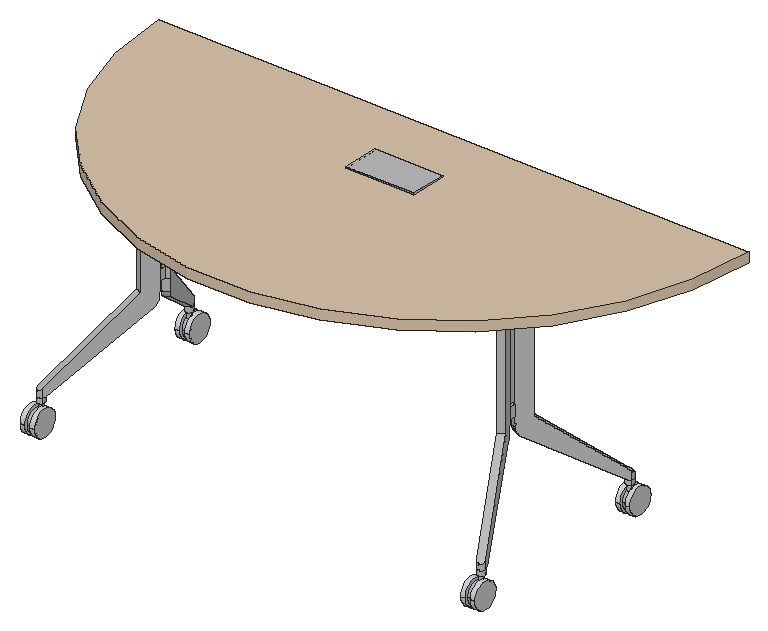
Revit family "Haworth_Planes_CollaborativeTable_HalfRound", category Furniture Systems, Revit 2018
Family settings
  Round Connector Dimension = Use Diameter
  Part Type = Normal
  OmniClass Number = 23.40.70.14.64.21
  OmniClass Title = Systems Furniture
  Work Plane-Based = No
  Always vertical = Yes
  Cut with Voids When Loaded = No
  Shared = No
  Room Calculation Point = No
Parameters (values of type "72w 36d")
  Warranty = "http://www.haworth.com/resources/product-info/warranties"
  URL - Product = "http://www.haworth.com/products/tables/collaborative/planes"
  Table Finish [instance] = Haworth _ Laminate _ Maple H-AE
  Table Edge Finish [instance] = Haworth _ Laminate _ Maple H-AE
  Sustainability Info = "https://www.haworth.com/company-info/sustainability"
  Stretcher Width = Actual Width - ([Support Spacing - From Edge] * 2)  # 42"
  Opening Single Wide = no
  Opening Single = not(Opening Single Wide)  # yes
  Knife Edge = not(Edgeband)  # no
  Flip Top Width = Cutout Width + 5/16"  # 8 5/16"
  Flip Top Finish = Haworth _ Paint _ Metallic Champagne
  Flip Top Depth = Cutout Depth + 7/16"  # 4 7/16"
  Edgeband = yes
  Model = "TAHN"  # constant formula
  Leg Finish [instance] = Haworth _ Paint _ Metallic Champagne
  Glides = not(Casters)  # no
  Flip Top = yes
  Description = "Haworth - Planes Collaborative Table - Half-Round"  # constant formula
  Cutout Width = if(Opening Single Wide, 11", 8")  # 8"
  Cutout Depth = 4"  # constant formula
  Cutout Centerline = 9"  # constant formula
  Cutout = yes
  URL = "www.haworth.com"
  Table Thickness = 1 3/16"  # constant formula
  Support Spacing - From Edge = 15"  # constant formula
  Size = "Verify Final Dim. w/ Haworth"  # constant formula
  Revision Number = "6"  # constant formula
  Min/Max Width = "72 in."  # constant formula
  Min/Max Depth = "36 in."  # constant formula
  Manufacturer = "Haworth"  # constant formula
  Leg Height = Actual Height - Table Thickness  # 27 13/16"
  Casters = yes
  Caster Finish = Haworth _ Paint _ Metallic Champagne
  Author = "Haworth (Alias), SHAPE Environments, LLC"  # constant formula
  Assembly Code = "E2020200"
  Actual Width = 72"  # constant formula
  Actual Height = 29"  # constant formula
  Actual Depth = 36"  # constant formula
Reference planes (in)
  plane 1 "Center F/B": y = 0
  plane 2: z = 0
  plane 3 "Center L/R": x = 0
  plane 4 "Table Edge Left": x = -36
  plane 5 "Table Edge Right": x = 36
  plane 6 "Table Edge Front": y = 18
  plane 7 "Table Edge Back": y = -18
  plane 8 "Table Leg Left": x = -21
  plane 9 "Table Leg Right": x = 21
  plane 10 "Top": z = 29
  plane 11: y = 9
Dimensions and locks (in)
  "Support Spacing - From Edge": plane 4 "Table Edge Left" to plane 8 "Table Leg Left"
  "Support Spacing - From Edge": plane 9 "Table Leg Right" to plane 5 "Table Edge Right"
  "Actual Width": plane 4 "Table Edge Left" to plane 5 "Table Edge Right"
  equal spacing: plane 4 "Table Edge Left", plane 3 "Center L/R", plane 5 "Table Edge Right"
  "Actual Depth": plane 6 "Table Edge Front" to plane 7 "Table Edge Back"
  equal spacing: plane 6 "Table Edge Front", plane 1 "Center F/B", plane 7 "Table Edge Back"
  "Actual Height": plane 10 "Top" to level
  "Cutout Centerline": plane 11 to plane 6 "Table Edge Front"
  aligned: plane 9 "Table Leg Right" to nested 2
  aligned: plane 8 "Table Leg Left" to nested 1
  aligned and locked: plane 8 "Table Leg Left" to nested 1
  aligned and locked: plane 9 "Table Leg Right" to nested 2
  aligned and locked: nested 4 to plane 1 "Center F/B"
  aligned and locked: plane 3 "Center L/R" to nested 4
  aligned and locked: plane 2 to nested 4
  aligned and locked: nested 2 to plane 2
  aligned and locked: plane 2 to nested 1
  aligned and locked: plane 2 to nested 5
  aligned and locked: plane 1 "Center F/B" to nested 5
  aligned and locked: plane 3 "Center L/R" to nested 5
  aligned and locked: plane 3 "Center L/R" to nested 3
  aligned and locked: plane 11 to nested 3
  aligned and locked: nested 2 to plane 1 "Center F/B"
  aligned and locked: plane 1 "Center F/B" to nested 1
  aligned and locked: plane 10 "Top" to nested 3
Nested families (in)
  nested 1: "Haworth_Leg-Y_Part" at (-21, 0, 0), type "Leg"
  nested 2: "Haworth_Leg-Y_Part" at (21, 0, 0) x (-1, 0, 0) z (0, 0, 1), type "Leg"
  nested 3: "Haworth_Worksurface_FlipTop_Unit_Part" at (-0.57037, 8.94751, 29), visible <- "Flip Top", type "Single Sided"
    with Actual Width 8 5/16", Actual Depth 4 7/16"
  nested 4: "Haworth_Planes_CollaborativeTable_Stretcher_Part" at (0, -3.19283, 0), type "Stretcher"
    with Actual Width 42"
  nested 5: "Haworth_Planes_Collaborative_Worksurface_HalfRound_Part" at (0, 15, 0), type "Worksurface"
    with Knife Edge no
Definition of nested family "Haworth_Leg-Y_Part"
  Parameters (values of type "Leg")
    Leg Height = 27 13/16"
    Leg Finish = none
    Glides = no
    Casters = yes
    Caster Finish = none
    Assembly Code = ""
  Reference planes (in)
    plane 1 "Center (Front/Back)": y = 0
    plane 2 "Bottom": z = 0
    plane 3 "Center (Left/Right)": x = 0
    plane 4 "Top of Leg": z = 27.8125
    plane 5 "Y Leg Stand": x = -5.875
    plane 6 "Left Y Leg": through (-0.17621, 0.60996, 48) normal (-0.8829, -0.4695, 0)
    plane 7 "Left Post": x = -0.5625
    plane 8 "Left Support": y = 11.32793
    plane 9: through (-0.17621, -0.60996, 48) normal (0.8829, -0.4695, 0)
    plane 10: y = -11.32793
  Forms (in)
    Extrusion 1, solid, material <- "Leg Finish"
      sketch origin (-0.51599, 0, 0) x (1, 0, 0) y (0, 0, 1)
        loop
          line (0.28125, 13.625) -> (0.28125, 14.875) -> (-0.04651, 14.875) -> (-0.04651, 13.625) -> (0.28125, 13.625)
      from -1 to 1
    Extrusion 2, solid, material <- "Leg Finish"
      sketch origin (-0.17621, 0.60996, 48) x (0.469468, -0.88295, 0) y (0, 0, -1)
        loop
          line (-2, 34.75027) -> (-2, 20.1875) -> (0, 20.1875) -> (0, 34.38219) -> (-0.09992, 35.81107)
          arc (-0.09992, 35.81107) -> (-0.23667, 36.25861) -> (-0.55568, 36.601) r 1.04081
          line (-0.55568, 36.601) -> (-11.7751, 43.96035) -> (-12.64299, 43.96035) -> (-12.64299, 43.40736) -> (-2, 34.75027)
      from -0.4375 to 0.4375
    Extrusion 3, void
      sketch origin (0.73566, 0.86334, 0) x (0.88295, 0.469468, 0) y (-0.469468, 0.88295, 0)
        loop
          arc (-1.36158, 12.3432) -> (-0.92408, 12.7807) -> (-0.48658, 12.3432) r 0.4375
          line (-0.48658, 12.3432) -> (-0.31134, 12.3432) -> (-0.31134, 12.89092) -> (-1.53683, 12.89092) -> (-1.53683, 12.3432) -> (-1.36158, 12.3432)
      from 3.22588 to 5.51592
    Revolve 4, solid, material <- "Leg Finish", visible <- "Glides"
      sketch origin (-5.88448, -0.04176, 0) x (-0.000803, -1, 0) y (0, 0, 1)
        loop
          line (-11.36969, 3.4375) -> (-11.36969, 0) -> (-10.36969, 0) -> (-10.36969, 0.1875) -> (-10.93219, 0.1875) -> (-10.93219, 3.4375) -> (-11.36969, 3.4375)
        axis (-11.36969, 3.4375) -> (-11.36969, 0)
      angle from 0 to 360
    Extrusion 5, solid, material <- "Leg Finish"
      sketch origin (0.73566, 0.86334, 0) x (0.88295, 0.469468, 0) y (-0.469468, 0.88295, 0)
        loop
          circle (-0.92408, 12.3432) r 0.4375
      from 3.4375 to 4.03965
    Extrusion 6, solid, material <- "Leg Finish"
      sketch origin (-0.17621, -0.60996, 48) x (0.469468, 0.88295, 0) y (0, 0, 1)
        loop
          line (-2, -34.75027) -> (-12.64299, -43.40736) -> (-12.64299, -43.96035) -> (-11.7751, -43.96035) -> (-0.55568, -36.601)
          arc (-0.55568, -36.601) -> (-0.23667, -36.25861) -> (-0.09992, -35.81107) r 1.04081
          line (-0.09992, -35.81107) -> (0, -34.38219) -> (0, -20.1875) -> (-2, -20.1875) -> (-2, -34.75027)
      from -0.4375 to 0.4375
    Extrusion 7, void
      sketch origin (0.73566, -0.86334, 0) x (0.88295, -0.469468, 0) y (0.469468, 0.88295, 0)
        loop
          line (-1.36158, -12.3432) -> (-1.53683, -12.3432) -> (-1.53683, -12.89092) -> (-0.31134, -12.89092) -> (-0.31134, -12.3432) -> (-0.48658, -12.3432)
          arc (-0.48658, -12.3432) -> (-0.92408, -12.7807) -> (-1.36158, -12.3432) r 0.4375
      from 3.22588 to 5.51592
    Revolve 8, solid, material <- "Leg Finish", visible <- "Glides"
      sketch origin (-5.88378, 0.04176, 0) x (-0.000803, 1, 0) y (0, 0, -1)
        loop
          line (-11.36969, -3.4375) -> (-10.93219, -3.4375) -> (-10.93219, -0.1875) -> (-10.36969, -0.1875) -> (-10.36969, 0) -> (-11.36969, 0) -> (-11.36969, -3.4375)
        axis (-11.36969, -3.4375) -> (-11.36969, 0)
      angle from 0 to 360
    Extrusion 9, solid, material <- "Leg Finish"
      sketch origin (0.73566, -0.86334, 0) x (0.88295, -0.469468, 0) y (0.469468, 0.88295, 0)
        loop
          circle (-0.92408, -12.3432) r 0.4375
      from 3.4375 to 4.03965
  Cuts and joins
    Extrusion 3, Extrusion 7 cuts Extrusion 1
    Extrusion 3, Extrusion 7 cuts Extrusion 2
    Extrusion 7 cuts Extrusion 5
    Extrusion 7 cuts Extrusion 6
    Extrusion 7 cuts Extrusion 9
    joined: Extrusion 1, Extrusion 2, Extrusion 5, Extrusion 6, Extrusion 9
    Extrusion 7 cuts Revolve 4
    Extrusion 7 cuts Revolve 8
  Lines and regions (in)
    Masking region 1
      outline origin (0, 0, 0) x (1, 0, 0) y (0, 1, 0)
        loop
          line (0.21008, 0.81535) -> (-5.48871, 11.53332)
          arc (-5.48871, 11.53332) -> (-6.08039, 11.71422) -> (-6.26129, 11.12254) r 0.4375
          line (-6.26129, 11.12254) -> (-0.5625, 0.40456) -> (-0.5625, -0.40456) -> (-6.26129, -11.12254)
          arc (-6.26129, -11.12254) -> (-6.08039, -11.71422) -> (-5.48871, -11.53332) r 0.4375
          line (-5.48871, -11.53332) -> (0.21008, -0.81535) -> (-0.23474, -0.57883) -> (-0.23474, 0.57883) -> (0.21008, 0.81535)
    symbolic lines, visible <- "Glides"
      curve 1: circle (-5.875, -11.32793, 0) r 1 normal (0, 0, 1)
      curve 2: circle (-5.875, 11.32793, 0) r 1 normal (0, 0, 1)
  Dimensions and locks (in)
    "Leg Height": plane 4 "Top of Leg" to level
    plane 5 "Y Leg Stand" to plane 3 "Center (Left/Right)" = 5 7/8"
    locked: plane 7 "Left Post" to plane 3 "Center (Left/Right)" at 0.5625
  Automatic sketch dimensions
    plane 7 "Left Post" to Extrusion 1 sketch curve = 0"
    Extrusion 1 sketch curve to plane 3 "Center (Left/Right)" = 0.23474"
    level to Extrusion 1 sketch curve = 13 5/8"
    Extrusion 1 sketch curve to Extrusion 1 sketch curve = 1 1/4"
    plane 4 "Top of Leg" to Extrusion 2 sketch curve = 0"
    Extrusion 2 sketch curve to level = 4.59264"
    Extrusion 2 sketch curve to level = 4.03965"
    Extrusion 2 sketch curve to Extrusion 2 sketch curve = 0.86789"
    Extrusion 2 sketch curve to Extrusion 2 sketch curve = 10.64299"
    Extrusion 2 sketch curve to Extrusion 2 sketch curve = 0.86181"
    Extrusion 2 sketch curve to level = 11.399"
    Extrusion 2 sketch curve to Extrusion 2 sketch curve = 0.58251"
    Extrusion 2 sketch curve to level = 12.18893"
    Extrusion 2 sketch curve to Extrusion 2 sketch curve = 0.45577"
    Extrusion 2 sketch curve to Extrusion 2 sketch curve = 2"
    Extrusion 2 sketch curve to Extrusion 2 sketch curve = 0.98819"
    Extrusion 2 sketch curve to Extrusion 2 sketch curve = 1.42888"
    Extrusion 3 sketch curve to plane 5 "Y Leg Stand" = 0"
    Extrusion 3 sketch curve to plane 6 "Left Y Leg" = 0"
    Extrusion 3 sketch curve to plane 6 "Left Y Leg" = 7/16"
    Extrusion 3 sketch curve to Extrusion 3 sketch curve = 0.17524"  (x2)
    Extrusion 3 sketch curve to Extrusion 3 sketch curve = 0.54772"
    Revolve 4 sketch curve to level = 0"
    level to Revolve 4 sketch curve = 3.42885"
    Revolve 4 sketch curve to Revolve 4 sketch curve = 0"
    level to Revolve 4 sketch curve = 3/16"
    Revolve 4 sketch curve to Revolve 4 sketch curve = 7/16"
    Revolve 4 sketch curve to Revolve 4 sketch curve = 9/16"
    Revolve 4 sketch curve to level = 1.07115"
    Revolve 4 sketch curve to Revolve 4 sketch curve = 0.00865"
    Extrusion 5 sketch curve to plane 5 "Y Leg Stand" = 0"
    Extrusion 5 sketch curve to plane 6 "Left Y Leg" = 0"
    Extrusion 6 sketch curve to plane 4 "Top of Leg" = 0"
    level to Extrusion 6 sketch curve = 4.59264"
    level to Extrusion 6 sketch curve = 4.03965"
    Extrusion 6 sketch curve to Extrusion 6 sketch curve = 0.86789"
    Extrusion 6 sketch curve to Extrusion 6 sketch curve = 10.64299"
    Extrusion 6 sketch curve to Extrusion 6 sketch curve = 0.86181"
    level to Extrusion 6 sketch curve = 11.399"
    Extrusion 6 sketch curve to Extrusion 6 sketch curve = 0.58251"
    level to Extrusion 6 sketch curve = 12.18893"
    Extrusion 6 sketch curve to Extrusion 6 sketch curve = 0.45577"
    Extrusion 6 sketch curve to Extrusion 6 sketch curve = 2"
    Extrusion 6 sketch curve to Extrusion 6 sketch curve = 0.98819"
    Extrusion 6 sketch curve to Extrusion 6 sketch curve = 1.42888"
    Extrusion 7 sketch curve to plane 5 "Y Leg Stand" = 0"
    plane 9 to Extrusion 7 sketch curve = 0"
    plane 9 to Extrusion 7 sketch curve = 7/16"
    Extrusion 7 sketch curve to Extrusion 7 sketch curve = 0.17524"  (x2)
    Extrusion 7 sketch curve to Extrusion 7 sketch curve = 0.54772"
    Revolve 8 sketch curve to level = 0"
    level to Revolve 8 sketch curve = 3.42885"
    Revolve 8 sketch curve to Revolve 8 sketch curve = 0"
    level to Revolve 8 sketch curve = 3/16"
    Revolve 8 sketch curve to Revolve 8 sketch curve = 7/16"
    Revolve 8 sketch curve to Revolve 8 sketch curve = 9/16"
    Revolve 8 sketch curve to Revolve 8 sketch curve = 0.00865"
    Revolve 8 sketch curve to level = 1.07115"
    Extrusion 9 sketch curve to plane 5 "Y Leg Stand" = 0"
    plane 9 to Extrusion 9 sketch curve = 0"
    Masking region 1 sketch curve to plane 5 "Y Leg Stand" = 0"  (x2)
    Masking region 1 sketch curve to plane 7 "Left Post" = 0"
    plane 9 to Masking region 1 sketch curve = 0"
    Masking region 1 sketch curve to plane 6 "Left Y Leg" = 0"
    plane 5 "Y Leg Stand" to Masking region 1 sketch curve = 0.38629"  (x2)
    Masking region 1 sketch curve to plane 8 "Left Support" = 0.20539"
    plane 10 to Masking region 1 sketch curve = 0.20539"
    plane 8 "Left Support" to Masking region 1 sketch curve = 0.20539"
    plane 3 "Center (Left/Right)" to Masking region 1 sketch curve = 0.21008"  (x2)
    Masking region 1 sketch curve to plane 3 "Center (Left/Right)" = 0.23474"
    Masking region 1 sketch curve to Masking region 1 sketch curve = 0.17427"  (x2)
    Masking region 1 sketch curve to plane 5 "Y Leg Stand" = 0.38629"
    plane 1 "Center (Front/Back)" to Masking region 1 sketch curve = 0.81535"
    Masking region 1 sketch curve to plane 1 "Center (Front/Back)" = 0.40456"
    curve 2 to plane 5 "Y Leg Stand" = 0"
    curve 1 to plane 5 "Y Leg Stand" = 0"
    plane 9 to curve 1 = 0"
    curve 2 to plane 6 "Left Y Leg" = 0"
    radius of Extrusion 5 sketch curve = 7/16"
    radius of Extrusion 9 sketch curve = 7/16"
    radius of curve 1 = 1"
    radius of curve 2 = 1"
  Nested families (in)
    nested 1: "Haworth_3in Caster" at (-5.875, 11.32793, 0), visible <- "Casters", type "Haworth_3in Caster"
    nested 2: "Haworth_3in Caster" at (-5.875, -11.32793, 0), visible <- "Casters", type "Haworth_3in Caster"
  Definition of nested family "Haworth_3in Caster"
    Parameters (values of type "Haworth_3in Caster")
      Glides = yes
      Caster Finish = none
      Cart Leg Finish = none
      Assembly Code = ""
    Reference planes (in)
      plane 1 "Center (Front/Back)": y = 0
      plane 2: z = 0
      plane 3 "Center (Left/Right)": x = 0
    Forms (in)
      Extrusion 1, solid
        sketch origin (0, 0, -0.02118) x (0, 1, 0) y (0, 0, 1)
          loop
            circle (-0.48695, 1.58368) r 1.5625
        from 0.875 to 0.3125
      Extrusion 2, solid
        sketch origin (0, 0, -0.02118) x (0, 1, 0) y (0, 0, 1)
          loop
            circle (-0.48695, 1.58368) r 1.5625
        from -0.875 to -0.3125
      Extrusion 3, solid
        sketch origin (0, 0, 0) x (0, 1, 0) y (0, 0, 1)
          loop
            circle (-0.48695, 1.5625) r 1.3125
        from -0.3125 to 0.3125
      Extrusion 4, solid
        sketch origin (0, 0, 0) x (1, 0, 0) y (0, 1, 0)
          loop
            circle (0, 0) r 0.25
        from 2.4375 to 3.4375
    Cuts and joins
      joined: Extrusion 3, Extrusion 4
    Lines and regions (in)
      Masking region 1
        outline origin (0, 0, 0) x (1, 0, 0) y (0, 1, 0)
          loop
            line (-0.875, 1.07555) -> (-0.875, -2.04945) -> (-0.3125, -2.04945) -> (-0.3125, -1.79945) -> (0.3125, -1.79945) -> (0.3125, -2.04945) -> (0.875, -2.04945) -> (0.875, 1.07555) -> (0.3125, 1.07555) -> (0.3125, 0.82555) -> (-0.3125, 0.82555) -> (-0.3125, 1.07555) -> (-0.875, 1.07555)
      symbolic lines
        curve 1: circle (0, 0, 0) r 0.25 normal (0, 0, 1)
    Dimensions and locks (in)
      plane 3 "Center (Left/Right)" to Extrusion 2 = 5/16"
      Extrusion 1 to plane 3 "Center (Left/Right)" = 7/8"
Definition of nested family "Haworth_Worksurface_FlipTop_Unit_Part"
  Parameters (values of type "Single Sided")
    Warranty = "www.haworth.com/en-us/Products/Pages/Certifications.aspx"
    URL - Product = "www.haworth.com/en-us/Products/Furniture/Systems/Desking-Systems/Pages/Compose.aspx"
    URL = "www.haworth.com"
    Sustainability Info = "www.haworth.com/en-us/About-Us/Sustainability/Pages/Vision.aspx"
    Size = "Verify Final Dim. w/ Haworth"  # constant formula
    Revision Number = "2"  # constant formula
    Model = "Haworth_Worksurface-Flip_Top_Unit"  # constant formula
    Manufacturer = "Haworth"  # constant formula
    LEED Data = "www.haworth.com/_layouts/Haworth.ProductCatalog/Handlers/GetAsset.ashx/ComposeLEEDContributions.pdf?cid=27&rid=1824&type=Leed"
    Flip Top Finish = none
    Description = "Haworth Worksurface-Flip Top Unit - Part"
    Default Elevation = 48"
    Author = "SHAPE Environments, LLC"  # constant formula
    Assembly Code = "E2020200"
    Actual Width = 8 1/4"
    Actual Depth = 4 3/8"
  Reference planes (in)
    plane 1 "Center F/B": y = 0.05249
    plane 2: z = 0
    plane 3 "Center L/R": x = 0.57037
    plane 4 "Back": y = 2.23999
    plane 5 "Right": x = 4.69537
    plane 6 "Front": y = -2.13501
    plane 7 "Left": x = -3.55463
    plane 8 "Table Height": z = 0
  Forms (in)
    Extrusion 1, solid, material <- "Flip Top Finish"
      sketch origin (0, 0, 0) x (-1, 0, 0) y (0, -1, 0)
        loop
          line (3.55463, -2.23999) -> (3.55463, 2.13501) -> (-4.69537, 2.13501) -> (-4.69537, -2.23999) -> (3.55463, -2.23999)
      from 0 to 0.125
    Extrusion 2, solid, material <- "Flip Top Finish"
      sketch origin (0, 0, 0) x (-1, 0, 0) y (0, -1, 0)
        loop
          line (3.42963, -2.05249) -> (3.42963, 1.94751) -> (-4.57037, 1.94751) -> (-4.57037, -2.05249) -> (3.42963, -2.05249)
      from 0 to -2.75
  Cuts and joins
    joined: Extrusion 1, Extrusion 2
  Lines and regions (in)
    Masking region 1
      outline origin (0, 0, 0) x (1, 0, 0) y (0, 1, 0)
        loop
          line (-3.55463, 2.23999) -> (-3.55463, -2.13501) -> (4.69537, -2.13501) -> (4.69537, 2.23999) -> (-3.55463, 2.23999)
  Dimensions and locks (in)
    equal spacing: plane 7 "Left", plane 3 "Center L/R", plane 5 "Right"
    "Actual Width": plane 7 "Left" to plane 5 "Right"
    equal spacing: plane 6 "Front", plane 1 "Center F/B", plane 4 "Back"
    "Actual Depth": plane 4 "Back" to plane 6 "Front"
    plane 7 "Left" to Extrusion 2 sketch curve = 1/8"
    plane 4 "Back" to Extrusion 2 sketch curve = 3/16"
    Extrusion 2 sketch curve to plane 5 "Right" = 1/8"
    Extrusion 2 sketch curve to plane 6 "Front" = 3/16"
    locked: plane 8 "Table Height" to level
    aligned and locked: plane 7 "Left" to Extrusion 1 sketch curve
    aligned and locked: Extrusion 1 sketch curve to plane 4 "Back"
    aligned and locked: plane 6 "Front" to Extrusion 1 sketch curve
    aligned and locked: Extrusion 1 sketch curve to plane 5 "Right"
    aligned and locked: Masking region 1 sketch curve to cut or joined group of Extrusion 1, Extrusion 2  (x3)
    aligned and locked: cut or joined group of Extrusion 1, Extrusion 2 to Masking region 1 sketch curve
Definition of nested family "Haworth_Planes_CollaborativeTable_Stretcher_Part"
  Parameters (values of type "Stretcher")
    Warranty = "http://www.haworth.com/resources/product-info/warranties"
    URL - Product = "http://www.haworth.com/products/tables/training/planes"
    Type Comments = ""
    Sustainability Info = "http://media.haworth.com/asset/5175/Planes%20tables%20PEDS.pdf"
    Model = "Haworth Planes"  # constant formula
    Leg Finish = none
    Height = 26 245/256"  # constant formula
    Description = "Haworth - Planes Training - Table Stretcher"
    URL = "www.haworth.com"
    Size = "Verify Final Dim. w/ Haworth"  # constant formula
    Revision Number = "1"  # constant formula
    Manufacturer = "Haworth"  # constant formula
    Author = "Haworth (Alias)"  # constant formula
    Assembly Code = "E2020200"
    Actual Width = 46"
    Actual Depth = 4 119/128"  # constant formula
  Reference planes (in)
    plane 1 "Bottom": z = 0
    plane 2 "Center L/R": x = 0
    plane 3 "Left": x = -23
    plane 4 "Right": x = 23
    plane 5 "Center FB": y = 3.19283
    plane 6 "Back": y = 5.65767
    plane 7 "Front": y = 0.72799
  Forms (in)
    Extrusion 1, solid, material <- "Leg Finish"
      sketch origin (30, 0.35365, 0) x (0, 1, 0) y (0, 0, 1)
        loop
          line (0.37434, 26.95703) -> (0.37434, 25.33721)
          arc (0.37434, 25.33721) -> (0.44756, 25.16044) -> (0.62434, 25.08721) r 0.25
          line (0.62434, 25.08721) -> (5.05402, 25.08721)
          arc (5.05402, 25.08721) -> (5.2308, 25.16044) -> (5.30402, 25.33721) r 0.25
          line (5.30402, 25.33721) -> (5.30402, 26.95703) -> (0.37434, 26.95703)
      from -53 to -7
  Lines and regions (in)
    symbolic lines, detail levels medium+fine
      curve 1: line (-23, 0.72799, 29) -> (23, 0.72799, 29)
      curve 2: line (23, 5.65767, 29) -> (-23, 5.65767, 29)
  Dimensions and locks (in)
    "Actual Width": plane 3 "Left" to plane 4 "Right"
    equal spacing: plane 3 "Left", plane 2 "Center L/R", plane 4 "Right"
    equal spacing: plane 6 "Back", plane 5 "Center FB", plane 7 "Front"
    "Actual Depth": plane 6 "Back" to plane 7 "Front"
    "Height": Extrusion 1 sketch curve to plane 1 "Bottom"
    locked: Extrusion 1 sketch curve to Extrusion 1 sketch curve at 1.86982
    aligned and locked: plane 4 "Right" to Extrusion 1
    aligned and locked: Extrusion 1 to plane 3 "Left"
    aligned and locked: Extrusion 1 sketch curve to plane 7 "Front"
    aligned and locked: plane 6 "Back" to Extrusion 1 sketch curve
    aligned and locked: plane 7 "Front" to curve 1
    aligned and locked: plane 6 "Back" to curve 2
  Automatic sketch dimensions
    curve 1 to plane 4 "Right" = 0"
    curve 2 to plane 4 "Right" = 0"
    curve 2 to plane 3 "Left" = 0"
    curve 1 to plane 3 "Left" = 0"
    Extrusion 1 sketch curve to Extrusion 1 sketch curve = 1/4"
    Extrusion 1 sketch curve to plane 6 "Back" = 1/4"
Definition of nested family "Haworth_Planes_Collaborative_Worksurface_HalfRound_Part"
  Parameters (values of type "Worksurface")
    Warranty = ""
    URL - Product = ""
    URL = "www.haworth.com"
    Table Thickness = 1 3/16"
    Table Finish = none
    Table Edge Finish = none
    Revision Number = ""
    Note = "Verify Final Dim. w/ Haworth"  # constant formula
    Model = "Haworth Planes"  # constant formula
    Manufacturer = "Haworth"  # constant formula
    Knife Edge = yes
    Edgeband = yes
    Cutout Width = 8"
    Cutout Dimension = if(Cutout, 3", 1")  # 3"
    Cutout Depth = 4"
    Cutout Centerline = 9"
    Cutout = yes
    Author = "SHAPE Environments, LLC"  # constant formula
    Assembly Code = ""
    Actual Width = 72"
    Actual Height = 29"
    Actual Depth = 36"
  Reference planes (in)
    plane 1 "Center F/B": y = 15
    plane 2 "Bottom": z = 0
    plane 3 "Center L/R": x = 0
    plane 4 "Table Front": y = 33
    plane 5 "Table Right": x = 36
    plane 6 "Table Left": x = -36
    plane 7 "Table Back": y = -3
    plane 8 "Table Top": z = 29
    plane 9 "Table Bottom": z = 27.8125
    plane 10: y = 6
    plane 11: z = 27
    plane 12: z = 30
    plane 13 "KnifeEdge Middle": z = 28.625
  Forms (in)
    Extrusion 1, solid, material <- "Table Finish", visible <- "Edgeband"
      sketch origin (0, 0, 0) x (1, 0, 0) y (0, 1, 0)
        loop
          arc (36, -3) -> (0, 33) -> (-36, -3) r 36
          line (-36, -3) -> (36, -3)
      from 27.8125 to 29
    Extrusion 2, void
      sketch origin (0, 0, 29) x (-1, 0, 0) y (0, -1, 0)
        loop
          line (4, -8) -> (4, -4) -> (-4, -4) -> (-4, -8) -> (4, -8)
      from -2 to 1
    Extrusion 3, solid, material <- "Table Finish", visible <- "Knife Edge"
      sketch origin (0, 0, 0) x (1, 0, 0) y (0, 1, 0)
        loop
          arc (36, -3) -> (0, 33) -> (-36, -3) r 36
          line (-36, -3) -> (36, -3)
      from 28.625 to 29
    Blend 4, solid, material <- "Table Finish", visible <- "Knife Edge"
      base sketch origin (0, 0, 0) x (1, 0, 0) y (0, 1, 0)
        loop
          arc (33.94113, -1) -> (0, 31) -> (-33.94113, -1) r 34
          line (-33.94113, -1) -> (33.94113, -1)
      top sketch origin (0, 0, 0) x (1, 0, 0) y (0, 1, 0)
        loop
          arc (36, -3) -> (0, 33) -> (-36, -3) r 36
          line (-36, -3) -> (36, -3)
      from 27.8125 to 28.625
  Cuts and joins
    Extrusion 2 cuts Extrusion 1
    Extrusion 2 cuts Extrusion 3
    Extrusion 2 cuts Blend 4
  Lines and regions (in)
    Masking region 1
      outline origin (0, 0, 0) x (1, 0, 0) y (0, 1, 0)
        loop
          arc (36, -3) -> (0, 33) -> (-36, -3) r 36
          line (-36, -3) -> (36, -3)
    symbolic lines, visible <- "Cutout"
      curve 1: line (-4, 4, 0) -> (4, 4, 0)
      curve 2: line (4, 4, 0) -> (4, 8, 0)
      curve 3: line (4, 8, 0) -> (-4, 8, 0)
      curve 4: line (-4, 8, 0) -> (-4, 4, 0)
    symbolic lines, visible <- "Knife Edge", detail levels medium+fine
      curve 5: arc (-33.94113, -1, 0) -> (0, 31, 0) -> (33.94113, -1, 0) r 34
      curve 6: line (33.94113, -1, 0) -> (-33.94113, -1, 0)
  Dimensions and locks (in)
    "Actual Depth": plane 7 "Table Back" to plane 4 "Table Front"
    "Actual Width": plane 6 "Table Left" to plane 5 "Table Right"
    equal spacing: plane 6 "Table Left", plane 3 "Center L/R", plane 5 "Table Right"
    equal spacing: plane 4 "Table Front", plane 1 "Center F/B", plane 7 "Table Back"
    "Table Thickness": plane 8 "Table Top" to plane 9 "Table Bottom"
    "Actual Height": plane 8 "Table Top" to level
    "Cutout Centerline": plane 10 to plane 7 "Table Back"
    equal spacing: Extrusion 2 sketch curve, plane 3 "Center L/R", Extrusion 2 sketch curve
    "Cutout Width": Extrusion 2 sketch curve to Extrusion 2 sketch curve
    equal spacing: Extrusion 2 sketch curve, plane 10, Extrusion 2 sketch curve
    "Cutout Depth": Extrusion 2 sketch curve to Extrusion 2 sketch curve
    locked: plane 12 to plane 8 "Table Top" at 1
    "Cutout Dimension": plane 12 to plane 11
    locked: plane 8 "Table Top" to plane 13 "KnifeEdge Middle" at 0.375
    locked: plane 7 "Table Back" to Blend 4 sketch curve at 2
    locked: plane 4 "Table Front" to Blend 4 sketch curve at 2
    "Actual Depth": radius of Extrusion 1 sketch curve
    "Actual Depth": radius of Extrusion 3 sketch curve
    aligned and locked: plane 8 "Table Top" to Extrusion 1
    aligned and locked: Extrusion 1 to plane 9 "Table Bottom"
    aligned and locked: Extrusion 1 sketch curve to plane 7 "Table Back"
    aligned and locked: plane 3 "Center L/R" to Extrusion 1 sketch curve
    aligned and locked: Extrusion 2 to plane 11
    aligned and locked: plane 12 to Extrusion 2
    aligned and locked: curve 2 to Extrusion 2
    aligned and locked: curve 1 to Extrusion 2
    aligned and locked: curve 4 to Extrusion 2
    aligned and locked: curve 3 to Extrusion 2
    aligned and locked: Masking region 1 sketch curve to cut or joined group of Extrusion 1, Extrusion 2  (x2)
    aligned and locked: plane 8 "Table Top" to Extrusion 3
    aligned and locked: plane 13 "KnifeEdge Middle" to Extrusion 3
    aligned and locked: Blend 4 sketch curve to plane 7 "Table Back"
    aligned and locked: Blend 4 to plane 13 "KnifeEdge Middle"
    aligned and locked: Blend 4 to plane 9 "Table Bottom"
    aligned and locked: curve 5 to cut or joined group of Extrusion 2, Blend 4
    aligned and locked: curve 6 to cut or joined group of Extrusion 2, Blend 4
  Automatic sketch dimensions
    plane 3 "Center L/R" to Extrusion 2 sketch curve = 4"
    plane 10 to Extrusion 2 sketch curve = 2"
    Extrusion 3 sketch curve to plane 6 "Table Left" = 0"
    Extrusion 3 sketch curve to plane 7 "Table Back" = 0"
    Blend 4 sketch curve to plane 3 "Center L/R" = 0"  (x2)
    plane 7 "Table Back" to Blend 4 sketch curve = 0"
    plane 6 "Table Left" to Blend 4 sketch curve = 2.05887"
    Blend 4 sketch curve to plane 6 "Table Left" = 0"
